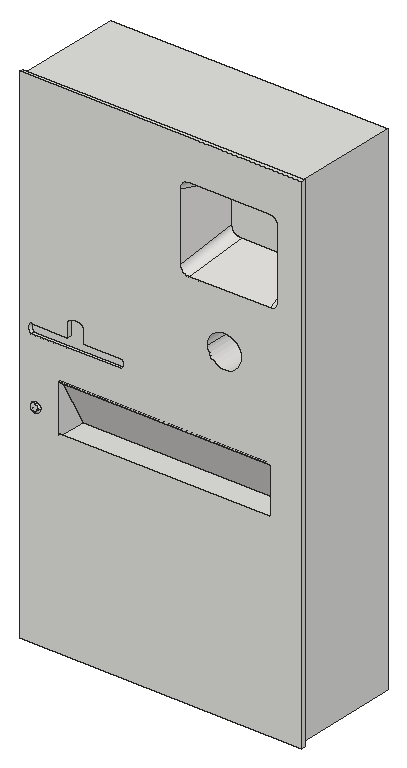
Revit family "Stainless Steel Silver 4 In 1 Sanitary Napkin Disposal For Toilet", category Generic Models, Revit 2017
Family settings
  Can host rebar = No
  Round Connector Dimension = Use Diameter
  Part Type = Normal
  Work Plane-Based = Yes
  Always vertical = No
  Cut with Voids When Loaded = Yes
  Shared = No
  Room Calculation Point = No
Parameters
  Website = "+91 9520202035"  # constant formula
  Model = "DSND0003"  # constant formula
  Default Elevation = 1219.2 mm
  Contact number = "+91 9520202035"  # constant formula
  Contact email = "info@dolphy.in"  # constant formula
  Company name = "Dolphy India"  # constant formula
Reference planes
  plane 1 "Center (Front/Back)": y = 0
  plane 2: z = 0
  plane 3 "Center (Left/Right)": x = 0
  plane 4: z = 490
  plane 5: x = -166.365
  plane 6: x = 238.415
  plane 7: z = 0
Forms (mm)
  Extrusion 1, solid, material "Stainless Steel"
    sketch origin (-8.365, 0, 233.75) x (1, 0, 0) y (0, 0, 1)
      loop
        line (-158, 366.25) -> (-158, -233.75) -> (174.783, -233.75) -> (174.783, 366.25) -> (-158, 366.25)
    from 125.956 to 130
  Extrusion 2, solid, material "Stainless Steel"
    sketch origin (-11.507, 117.022, 510.4) x (1, 0, 0) y (0, 0, 1)
      loop
        line (-152.174, 87.168) -> (-152.174, -506.963) -> (175.188, -506.963) -> (175.188, 87.168) -> (-152.174, 87.168)
    from 117.022 to 242.978
  Extrusion 3, void
    sketch origin (100.284, -13.272, -1.29) x (1, 0, 0) y (0, 0, 1)
      loop
        circle (-24.849, 389.157) r 20
    from 55.191 to 130
  Blend 4, void
    base sketch origin (-65.828, -13.272, 133.117) x (1, 0, 0) y (0, 0, 1)
      loop
        line (89.336, 409.355) -> (89.336, 329.355)
        spline (89.336, 329.355) -> (89.527, 327.881) -> (89.834, 326.523) -> (90.258, 325.282) -> (90.8, 324.158) -> (91.458, 323.149) -> (92.232, 322.258) -> (93.124, 321.483) -> (94.133, 320.824) -> (95.258, 320.282) -> (96.501, 319.857) -> (97.86, 319.548) -> (99.336, 319.355)
        line (99.336, 319.355) -> (194.336, 319.355)
        spline (194.336, 319.355) -> (195.811, 319.553) -> (197.169, 319.866) -> (198.411, 320.295) -> (199.536, 320.839) -> (200.544, 321.499) -> (201.436, 322.275) -> (202.211, 323.166) -> (202.869, 324.173) -> (203.411, 325.295) -> (203.836, 326.533) -> (204.144, 327.886) -> (204.336, 329.355)
        line (204.336, 329.355) -> (204.336, 409.355)
        spline (204.336, 409.355) -> (204.121, 410.816) -> (203.793, 412.162) -> (203.352, 413.395) -> (202.8, 414.513) -> (202.135, 415.518) -> (201.358, 416.408) -> (200.468, 417.184) -> (199.467, 417.846) -> (198.352, 418.395) -> (197.126, 418.829) -> (195.787, 419.149) -> (194.336, 419.355)
        line (194.336, 419.355) -> (99.336, 419.355)
        spline (99.336, 419.355) -> (97.869, 419.139) -> (96.517, 418.81) -> (95.28, 418.369) -> (94.159, 417.817) -> (93.153, 417.151) -> (92.262, 416.374) -> (91.486, 415.485) -> (90.826, 414.483) -> (90.28, 413.369) -> (89.85, 412.144) -> (89.536, 410.805) -> (89.336, 409.355)
    top sketch origin (-65.828, -13.272, 133.117) x (1, 0, 0) y (0, 0, 1)
      loop
        spline (108.454, 401.807) -> (107.068, 401.77) -> (105.801, 401.66) -> (104.653, 401.477) -> (103.624, 401.221) -> (102.715, 400.892) -> (101.925, 400.489) -> (101.253, 400.014) -> (100.701, 399.465) -> (100.269, 398.843) -> (99.955, 398.148) -> (99.76, 397.379) -> (99.685, 396.538)
        line (99.685, 396.538) -> (99.685, 346.974)
        spline (99.685, 346.974) -> (99.782, 345.529) -> (100.045, 344.209) -> (100.475, 343.015) -> (101.07, 341.947) -> (101.83, 341.005) -> (102.757, 340.188) -> (103.85, 339.496) -> (105.108, 338.931) -> (106.533, 338.491) -> (108.123, 338.177) -> (109.879, 337.988) -> (111.801, 337.926)
        line (111.801, 337.926) -> (187.118, 337.926)
        spline (187.118, 337.926) -> (188.127, 337.978) -> (189.048, 338.1) -> (189.882, 338.292) -> (190.628, 338.553) -> (191.285, 338.884) -> (191.856, 339.285) -> (192.338, 339.755) -> (192.733, 340.294) -> (193.04, 340.903) -> (193.259, 341.582) -> (193.391, 342.33) -> (193.435, 343.148)
        line (193.435, 343.148) -> (193.435, 398.148)
        spline (193.435, 398.148) -> (193.412, 398.724) -> (193.343, 399.251) -> (193.229, 399.728) -> (193.069, 400.156) -> (192.863, 400.535) -> (192.612, 400.865) -> (192.314, 401.145) -> (191.971, 401.376) -> (191.583, 401.558) -> (191.148, 401.69) -> (190.668, 401.773) -> (190.142, 401.807)
        line (190.142, 401.807) -> (108.454, 401.807)
    from 116.728 to 55.191
  Blend 5, solid, material "Stainless Steel"
    base sketch origin (-17.789, -13.272, 27.472) x (1, 0, 0) y (0, 0, 1)
      loop
        circle (-130.379, 223.087) r 5.997
    top sketch origin (-17.789, -13.272, 27.472) x (1, 0, 0) y (0, 0, 1)
      loop
        circle (-130.379, 223.087) r 4.636
    from 116.728 to 118.156
  Extrusion 6, void
    sketch origin (-17.789, -13.272, 27.472) x (1, 0, 0) y (0, 0, 1)
      loop
        line (-133.018, 223.476) -> (-133.018, 222.286) -> (-127.938, 222.286) -> (-127.938, 223.476) -> (-133.018, 223.476)
    from 112.683 to 118.156
  Extrusion 7, void
    sketch origin (-1.365, 0, 30) x (1, 0, 0) y (0, 0, 1)
      loop
        line (-108.805, 307.532) -> (-152.061, 307.532)
        spline (-152.061, 307.532) -> (-152.895, 306.641) -> (-153.577, 305.749) -> (-154.108, 304.855) -> (-154.487, 303.96) -> (-154.714, 303.063) -> (-154.79, 302.164) -> (-154.714, 301.264) -> (-154.487, 300.362) -> (-154.108, 299.458) -> (-153.577, 298.552) -> (-152.895, 297.645) -> (-152.061, 296.737)
        line (-152.061, 296.737) -> (-45.292, 296.737)
        spline (-45.292, 296.737) -> (-44.469, 297.635) -> (-43.796, 298.536) -> (-43.272, 299.438) -> (-42.898, 300.343) -> (-42.674, 301.25) -> (-42.599, 302.159) -> (-42.674, 303.07) -> (-42.898, 303.983) -> (-43.272, 304.899) -> (-43.796, 305.816) -> (-44.469, 306.736) -> (-45.292, 307.657)
        line (-45.292, 307.657) -> (-90, 307.657) -> (-90, 324.539)
        spline (-90, 324.539) -> (-91.523, 326.141) -> (-93.055, 327.452) -> (-94.594, 328.471) -> (-96.141, 329.199) -> (-97.696, 329.636) -> (-99.259, 329.782) -> (-100.83, 329.636) -> (-102.409, 329.199) -> (-103.997, 328.471) -> (-105.592, 327.452) -> (-107.194, 326.141) -> (-108.805, 324.539)
        line (-108.805, 324.539) -> (-108.805, 307.532)
    from 125.956 to 130
  Extrusion 8, void
    sketch origin (0, 0, 0) x (0, 1, 0) y (0, 0, 1)
      loop
        spline (-125.289, 284.554) -> (-125.694, 285.018) -> (-126.097, 285.442) -> (-126.498, 285.826) -> (-126.896, 286.169) -> (-127.293, 286.472) -> (-127.686, 286.734) -> (-128.078, 286.956) -> (-128.467, 287.138) -> (-128.854, 287.279) -> (-129.238, 287.38) -> (-129.62, 287.441) -> (-130, 287.461)
        line (-130, 287.461) -> (-130, 231.78)
        spline (-130, 231.78) -> (-129.849, 231.38) -> (-129.674, 231.001) -> (-129.476, 230.644) -> (-129.255, 230.308) -> (-129.01, 229.994) -> (-128.743, 229.702) -> (-128.452, 229.431) -> (-128.137, 229.181) -> (-127.8, 228.953) -> (-127.439, 228.747) -> (-127.055, 228.562) -> (-126.647, 228.399)
        line (-126.647, 228.399) -> (-94.162, 228.399) -> (-125.289, 284.554)
    from -120.927 to 130
Cuts and joins
  Extrusion 3, Blend 4, Extrusion 6, Extrusion 7, Extrusion 8 cuts Extrusion 1
  Extrusion 3, Blend 4, Extrusion 6, Extrusion 7, Extrusion 8 cuts Extrusion 2
  Extrusion 6 cuts Blend 5
  joined: Extrusion 1, Extrusion 2, Blend 5
Dimensions and locks
  aligned and locked: level to plane 2
